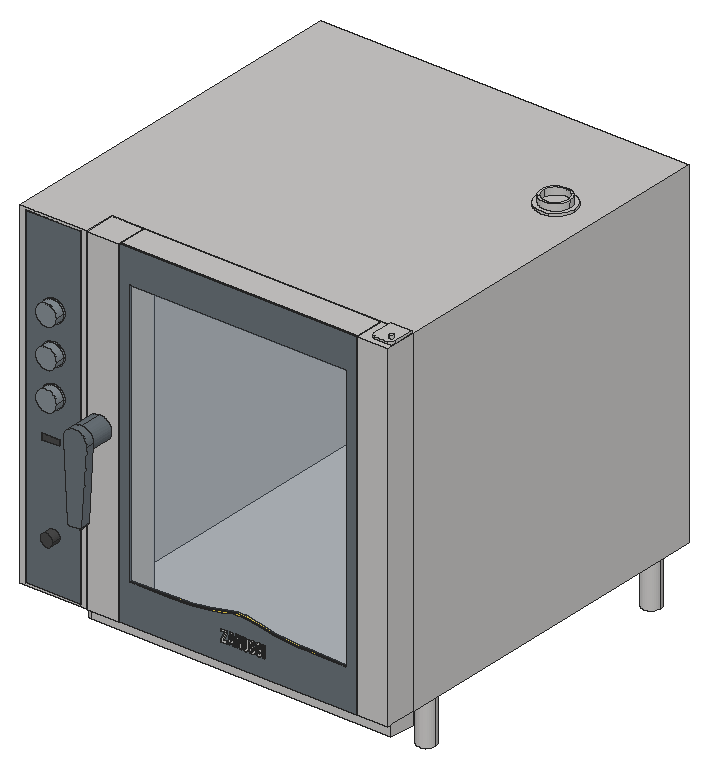
Revit family "QF_ZANUSSI_240453_ZFCE11SSDS", category Specialty Equipment, Revit 2023
Family settings
  Round Connector Dimension = Use Diameter
  Part Type = Normal
  Work Plane-Based = No
  Enable Cutting in Views = No
  Always vertical = Yes
  Cut with Voids When Loaded = No
  Maintain Annotation Orientation = No
  Shared = No
  Room Calculation Point = No
Parameters
  Weight = 121.20 kg
  Watts = 0 W
  Volts = 380 V
  URL Manufacturer = "http://www.zanussiprofessional.com"
  URL = "http://www.zanussiprofessional.com"
  Steam Supply Size = 0 mm
  Steam Supply Minimum Pressure = 0.0 Pa
  Steam Supply Maximum Pressure = 0.0 Pa
  Steam Consumption per Hour = 0
  Show Logo [instance] = yes
  Show Clearance [instance] = yes
  Refrigeration Suction Line Size = 0 mm
  Refrigeration Liquid Line Size = 0 mm
  Refrigerant Compressor Remote = yes
  Default Elevation = 0 mm
  Manufacturer = "Zanussi"
  Phase = 3
  Model = "ZFCE11SSDS"
  Length Actual = 890 mm
  Item Number = "240453"
  Hot Water Size = 0 mm
  Height Actual = 970 mm
  HP = "23.2 HP"
  Gas Size = 12.7 mm
  Gas KW = 0
  Gas Input Pressure = 0.0585289 W
  Direct Waste Size = 25 mm
  Description = "CONVECTION OVEN CW 10 GN 1/1 - ELECTRIC - SMART STEAM"
  Depth Actual = 900 mm
  Cycle = 50 Hz
  Condensate Return Size = 0 mm
  Compressed Air Volume = 0.0 L/s
  Compressed Air Size = 0 mm
  Compressed Air Pressure = 0.0 Pa
  Cold Water Size = 19.05 mm
  Accessory = no
Reference planes
  plane 1 "Center X": y = 96.351
  plane 2: z = 0
  plane 3 "Center Y": x = -330
  plane 4 "LEFT": x = -775
  plane 5 "BACK": y = 551.351
  plane 6 "RIGHT": x = 115
  plane 7 "FRONT": y = -358.649
  plane 8 "FeetLeft": x = -725
  plane 9: y = 501.351
  plane 10 "DoorDepth": y = -283.649
  plane 11 "FeetRight": x = 65
  plane 12 "BASE": z = 130
  plane 13 "TOP": z = 950
  plane 14: z = 0
  plane 15 "1": y = 274.351
  plane 16 "FeetFront": y = -178.649
  plane 17: z = 1018
  plane 18: y = -433.649
  plane 19 "Drain_X": x = -349
  plane 20 "Drain_Y": y = 256.351
  plane 21 "EI_x": x = -676
  plane 22 "EI_y": y = -99.649
  plane 23 "CWI_x": x = -659
  plane 24: y = -1044.649
  plane 25: y = 72.351
  plane 26: x = 15
Forms (mm)
  Extrusion 1, solid, material "QF_Finishes_Stainless Steel"
    sketch origin (0, 73.5, 130) x (-1, 0, 0) y (0, -1, 0)
      loop
        circle (659, 1.149) r 13.2
    from -5 to 0
  Extrusion 2, solid, material "QF_Finishes_Stainless Steel"
    sketch origin (0, 57.5, 130) x (-1, 0, 0) y (0, -1, 0)
      loop
        circle (676, 157.149) r 13.25
    from -5 to 0
  Extrusion 3, solid, material "QF_Finishes_Stainless Steel"
    sketch origin (89, -125, 130) x (-1, 0, 0) y (0, -1, 0)
      loop
        circle (438, -381.351) r 13.25
    from -5 to 0
  Extrusion 4, solid, material "QF_Finishes_Black"
    sketch origin (0, -358.649, 77) x (-1, 0, 0) y (0, 0, 1)
      loop
        circle (693.941, 183.023) r 15
    from 0 to -20
  Extrusion 5, solid, material "QF_Finishes_Zanussi_Soft Gray"
    sketch origin (0, -358.649, -96) x (-1, 0, 0) y (0, 0, 1)
      loop
        circle (693, 845.824) r 26.676
    from 0 to -3
  Blend 6, solid, material "QF_Finishes_Zanussi_Soft Gray"
    base sketch origin (0, -358.649, -96) x (-1, 0, 0) y (0, 0, 1)
      loop
        circle (693, 845.824) r 25
    top sketch origin (0, -358.649, -96) x (-1, 0, 0) y (0, 0, 1)
      loop
        circle (693, 845.824) r 24.8
    from -3 to -23
  Extrusion 7, solid, material "QF_Finishes_Zanussi_Soft Gray"
    sketch origin (0, -358.649, -105) x (-1, 0, 0) y (0, 0, 1)
      loop
        circle (693, 760.824) r 26.676
    from 0 to -3
  Blend 8, solid, material "QF_Finishes_Zanussi_Soft Gray"
    base sketch origin (0, -358.649, -105) x (-1, 0, 0) y (0, 0, 1)
      loop
        circle (693, 760.824) r 25
    top sketch origin (0, -358.649, -105) x (-1, 0, 0) y (0, 0, 1)
      loop
        circle (693, 760.824) r 24.8
    from -3 to -23
  Extrusion 9, solid, material "QF_Finishes_Zanussi_Soft Gray"
    sketch origin (0, -358.649, 183) x (-1, 0, 0) y (0, 0, 1)
      loop
        circle (693, 380.824) r 26.676
    from 0 to -3
  Blend 10, solid, material "QF_Finishes_Zanussi_Soft Gray"
    base sketch origin (0, -358.649, 183) x (-1, 0, 0) y (0, 0, 1)
      loop
        circle (693, 380.824) r 25
    top sketch origin (0, -358.649, 183) x (-1, 0, 0) y (0, 0, 1)
      loop
        circle (693, 380.824) r 24.8
    from -3 to -23
  Extrusion 11, solid, material "QF_Finishes_Stainless Steel"
    sketch origin (0, 0, 130) x (-1, 0, 0) y (0, -1, 0)
      loop
        line (775, -551.351) -> (775, 358.649) -> (613, 358.649) -> (613, 283.649) -> (-115, 283.649) -> (-115, -551.351) -> (775, -551.351)
    from 820 to 0
  Extrusion 12, solid, material "QF_Finishes_Zanussi_Dark Gray"
    sketch origin (0, -358.649, 0) x (-1, 0, 0) y (0, 0, 1)
      loop
        line (760, 945) -> (628, 945) -> (628, 135) -> (760, 135) -> (760, 945)
      loop
        line (678.941, 475.023) -> (678.941, 460.023) -> (720.941, 460.023) -> (720.941, 475.023) -> (678.941, 475.023)
    from 0 to 5
  Extrusion 13, void
    sketch origin (0, -358.649, 0) x (-1, 0, 0) y (0, 0, 1)
      loop
        line (760, 945) -> (628, 945) -> (628, 135) -> (760, 135) -> (760, 945)
    from 0 to 5
  Extrusion 14, void
    sketch origin (0, -358.649, 0) x (-1, 0, 0) y (0, 0, 1)
      loop
        line (-87.826, 145) -> (610, 145) -> (610, 930) -> (-87.826, 930) -> (-87.826, 145)
    from 883.561 to 75
  Extrusion 15, solid, material "QF_Finishes_Black"
    sketch origin (-5, -358.649, 195) x (-1, 0, 0) y (0, 0, 1)
      loop
        line (715.941, 280.023) -> (673.941, 280.023) -> (673.941, 265.023) -> (715.941, 265.023) -> (715.941, 280.023)
    from 5 to 0
  Extrusion 16, solid, material "QF_Clearances", detail levels coarse
    sketch origin (0, 0, 0) x (1, 0, 0) y (0, 1, 0)
      loop
        line (-825, -358.649) -> (-775, -358.649) -> (-775, 551.351) -> (115, 551.351) -> (115, -358.649) -> (165, -358.649) -> (165, 601.351) -> (-825, 601.351) -> (-825, -358.649)
    from 950 to 0
  Extrusion 17, solid, material "QF_Finishes_Stainless Steel"
    sketch origin (0, 0, 950) x (-1, 0, 0) y (0, -1, 0)
      loop
        circle (-15, -274.351) r 45
    from 5 to 0
  Extrusion 18, solid, material "QF_Finishes_Stainless Steel"
    sketch origin (0, 0, 950) x (-1, 0, 0) y (0, -1, 0)
      loop
        circle (-15, -274.351) r 35
      loop
        circle (-15, -274.351) r 30
    from 5 to 20.369
Cuts and joins
  Extrusion 13, Extrusion 14 cuts Extrusion 11
Lines and regions (mm)
  symbolic lines
    curve 1: line (-775, -358.649, 1620) -> (-775, 551.351, 1620)
    curve 2: line (-775, 551.351, 1620) -> (115, 551.351, 1620)
    curve 3: line (-613, -283.649, 1620) -> (115, -283.649, 1620)
    curve 4: line (-613, -283.649, 1620) -> (-613, -358.649, 1620)
    curve 5: line (-775, -358.649, 1620) -> (-613, -358.649, 1620)
    curve 6: line (-719.676, -361.649, 1620) -> (-666.324, -361.649, 1620)
    curve 7: line (-719.676, -361.649, 1620) -> (-719.676, -358.649, 1620)
    curve 8: line (-666.324, -361.649, 1620) -> (-666.324, -358.649, 1620)
    curve 9: line (115, 551.351, 1620) -> (115, -358.649, 1620)
    curve 10: line (-717.863, -381.649, 684) -> (-668.2, -381.649, 684)
    curve 11: line (-717.863, -381.649, 684) -> (-718, -361.649, 684)
    curve 12: line (-668.2, -381.649, 684) -> (-668, -361.649, 684)
    curve 18: circle (15, 274.351, 633) r 45 normal (0, 0, 1)
    curve 19: circle (15, 274.351, 633) r 35 normal (0, 0, 1)
    curve 20: circle (15, 274.351, 633) r 30 normal (0, 0, -1)
  symbolic lines, style "QF_Clearances", detail levels coarse
    curve 13: line (-825, -358.649, 0) -> (-825, 601.351, 0)
    curve 14: line (-825, 601.351, 0) -> (165, 601.351, 0)
    curve 15: line (165, 601.351, 0) -> (165, -358.649, 0)
    curve 16: line (165, -358.649, 0) -> (115, -358.649, 0)
    curve 17: line (-825, -358.649, 0) -> (-768.438, -358.649, 0)
Dimensions and locks
  equal spacing: plane 4 "LEFT", plane 3 "Center Y", plane 6 "RIGHT"
  equal spacing: plane 5 "BACK", plane 1 "Center X", plane 7 "FRONT"
  plane 12 "BASE" to plane 14 = 130 mm
  plane 13 "TOP" to plane 12 "BASE" = 820 mm
  plane 13 "TOP" to plane 14 = 950 mm
  plane 5 "BACK" to plane 9 = 50 mm
  plane 9 to plane 16 "FeetFront" = 680 mm
  locked: plane 16 "FeetFront" to plane 7 "FRONT" at 180
  plane 17 to plane 13 "TOP" to plane 12 "BASE" to level = 68 mm, 820 mm, 130 mm
  plane 17 to level = 1018 mm  (x2)
  plane 7 "FRONT" to plane 18 = 75 mm
  plane 5 "BACK" to plane 20 "Drain_Y" = 295 mm
  plane 4 "LEFT" to plane 19 "Drain_X" = 426 mm
  locked: plane 4 "LEFT" to plane 21 "EI_x" at 99
  plane 5 "BACK" to plane 22 "EI_y" = 651 mm
  plane 4 "LEFT" to plane 23 "CWI_x" = 116 mm
  plane 5 "BACK" to plane 15 "1" = 277 mm
  plane 5 "BACK" to plane 24 = 1596 mm
  plane 5 "BACK" to plane 25 = 479 mm
  locked: plane 10 "DoorDepth" to plane 7 "FRONT" at 75
  plane 8 "FeetLeft" to plane 4 "LEFT" = 50 mm
  plane 6 "RIGHT" to plane 11 "FeetRight" = 50 mm
  plane 11 "FeetRight" to plane 8 "FeetLeft" = 790 mm
  plane 5 "BACK" to plane 7 "FRONT" = 910 mm
  plane 4 "LEFT" to plane 6 "RIGHT" = 890 mm
  plane 26 to plane 6 "RIGHT" = 100 mm
  aligned and locked: level to plane 2
  aligned and locked: plane 12 "BASE" to nested 1
  aligned and locked: plane 12 "BASE" to nested 2
  aligned and locked: plane 12 "BASE" to nested 4
  aligned and locked: plane 12 "BASE" to nested 3
  aligned and locked: nested 5 to plane 10 "DoorDepth"
  aligned and locked: nested 5 to plane 12 "BASE"
  aligned and locked: plane 6 "RIGHT" to nested 5
  aligned and locked: plane 8 "FeetLeft" to nested 4
  aligned and locked: plane 11 "FeetRight" to nested 2
  aligned and locked: plane 11 "FeetRight" to nested 3
  aligned and locked: nested 4 to plane 9
  aligned and locked: nested 3 to plane 9
  aligned and locked: plane 16 "FeetFront" to nested 1
  aligned and locked: plane 16 "FeetFront" to nested 2
Automatic sketch dimensions
  Extrusion 2 sketch curve to plane 21 "EI_x" = 0 mm
  Extrusion 2 sketch curve to plane 22 "EI_y" = 0 mm
  Extrusion 3 sketch curve to plane 19 "Drain_X" = 0 mm
  Extrusion 3 sketch curve to plane 20 "Drain_Y" = 0 mm
  plane 12 "BASE" to Extrusion 4 sketch curve = 130.023 mm
  Extrusion 5 sketch curve to plane 13 "TOP" = 200.176 mm
  Blend 6 sketch curve to plane 13 "TOP" = 200.176 mm  (x2)
  Extrusion 7 sketch curve to plane 13 "TOP" = 294.176 mm
  Blend 8 sketch curve to plane 13 "TOP" = 294.176 mm  (x2)
  plane 12 "BASE" to Extrusion 9 sketch curve = 433.824 mm
  plane 12 "BASE" to Blend 10 sketch curve = 433.824 mm  (x2)
  Extrusion 11 sketch curve to plane 5 "BACK" = 0 mm
  Extrusion 11 sketch curve to plane 6 "RIGHT" = 0 mm
  Extrusion 11 sketch curve to plane 10 "DoorDepth" = 0 mm
  Extrusion 11 sketch curve to plane 7 "FRONT" = 0 mm
  Extrusion 11 sketch curve to plane 4 "LEFT" = 0 mm
  plane 21 "EI_x" to Extrusion 11 sketch curve = 63 mm
  Extrusion 13 sketch curve to plane 13 "TOP" = 5 mm
  plane 21 "EI_x" to Extrusion 13 sketch curve = 48 mm
  Extrusion 13 sketch curve to plane 8 "FeetLeft" = 35 mm
  plane 12 "BASE" to Extrusion 13 sketch curve = 5 mm
  Extrusion 14 sketch curve to plane 13 "TOP" = 20 mm
  plane 11 "FeetRight" to Extrusion 14 sketch curve = 22.826 mm
  plane 21 "EI_x" to Extrusion 14 sketch curve = 66 mm
  plane 12 "BASE" to Extrusion 14 sketch curve = 15 mm
  Extrusion 12 sketch curve to plane 13 "TOP" = 5 mm
  plane 21 "EI_x" to Extrusion 12 sketch curve = 48 mm
  Extrusion 12 sketch curve to plane 21 "EI_x" = 2.941 mm
  plane 8 "FeetLeft" to Extrusion 12 sketch curve = 4.059 mm
  plane 4 "LEFT" to Extrusion 12 sketch curve = 15 mm
  plane 12 "BASE" to Extrusion 12 sketch curve = 345.023 mm
  Extrusion 12 sketch curve to Extrusion 12 sketch curve = 15 mm
  plane 12 "BASE" to Extrusion 12 sketch curve = 5 mm
  Extrusion 15 sketch curve to plane 21 "EI_x" = 2.941 mm
  plane 8 "FeetLeft" to Extrusion 15 sketch curve = 4.059 mm
  plane 12 "BASE" to Extrusion 15 sketch curve = 330.023 mm
  Extrusion 15 sketch curve to Extrusion 15 sketch curve = 15 mm
  curve 3 to plane 10 "DoorDepth" = 0 mm
  curve 5 to plane 7 "FRONT" = 0 mm
  curve 2 to plane 4 "LEFT" = 0 mm
  curve 1 to plane 5 "BACK" = 0 mm
  plane 21 "EI_x" to curve 3 = 63 mm
  curve 8 to plane 7 "FRONT" = 3 mm
  plane 21 "EI_x" to curve 8 = 9.676 mm
  plane 8 "FeetLeft" to curve 6 = 5.324 mm
  curve 9 to plane 6 "RIGHT" = 0 mm
  curve 9 to plane 7 "FRONT" = 0 mm
  Extrusion 16 sketch curve to plane 7 "FRONT" = 0 mm  (x2)
  Extrusion 16 sketch curve to plane 4 "LEFT" = 0 mm
  Extrusion 16 sketch curve to plane 5 "BACK" = 0 mm
  Extrusion 16 sketch curve to plane 6 "RIGHT" = 0 mm
  Extrusion 16 sketch curve to Extrusion 16 sketch curve = 50 mm
  plane 6 "RIGHT" to Extrusion 16 sketch curve = 50 mm
  plane 5 "BACK" to Extrusion 16 sketch curve = 50 mm
  Extrusion 1 sketch curve to plane 23 "CWI_x" = 0 mm
  Extrusion 1 sketch curve to plane 25 = 0 mm
  curve 13 to plane 7 "FRONT" = 0 mm
  curve 16 to plane 6 "RIGHT" = 0 mm
  curve 16 to plane 7 "FRONT" = 0 mm
  curve 17 to plane 4 "LEFT" = 50 mm
  plane 6 "RIGHT" to curve 15 = 50 mm
  plane 5 "BACK" to curve 14 = 50 mm
  plane 4 "LEFT" to curve 17 = 6.562 mm
  plane 21 "EI_x" to curve 12 = 7.8 mm
  curve 12 to plane 7 "FRONT" = 23 mm
  curve 12 to plane 7 "FRONT" = 3 mm
  plane 21 "EI_x" to curve 12 = 8 mm
  plane 8 "FeetLeft" to curve 11 = 7.137 mm
  curve 11 to plane 7 "FRONT" = 3 mm
  plane 8 "FeetLeft" to curve 11 = 7 mm
  Extrusion 4 sketch curve to plane 21 "EI_x" = 17.941 mm
  Extrusion 5 sketch curve to plane 21 "EI_x" = 17 mm
  Blend 6 sketch curve to plane 21 "EI_x" = 17 mm  (x2)
  Extrusion 7 sketch curve to plane 21 "EI_x" = 17 mm
  Blend 8 sketch curve to plane 21 "EI_x" = 17 mm  (x2)
  Extrusion 9 sketch curve to plane 21 "EI_x" = 17 mm
  Blend 10 sketch curve to plane 21 "EI_x" = 17 mm  (x2)
  curve 18 to curve 19 = 0 mm  (x2)
  curve 18 to curve 20 = 0 mm  (x2)
  curve 19 to curve 20 = 0 mm  (x2)
  curve 19 to plane 15 "1" = 0 mm
  curve 19 to plane 26 = 0 mm
  Extrusion 18 sketch curve to Extrusion 18 sketch curve = 0 mm  (x2)
  Extrusion 18 sketch curve to plane 15 "1" = 0 mm
  Extrusion 18 sketch curve to plane 26 = 0 mm
  Extrusion 17 sketch curve to plane 15 "1" = 0 mm
  Extrusion 17 sketch curve to plane 26 = 0 mm
  radius of Extrusion 2 sketch curve = 13.25 mm
  radius of Extrusion 3 sketch curve = 13.25 mm
  radius of Extrusion 4 sketch curve = 15 mm
  radius of Extrusion 5 sketch curve = 26.676 mm
  radius of Blend 6 sketch curve = 25 mm
  radius of Blend 6 sketch curve = 24.8 mm
  radius of Extrusion 7 sketch curve = 26.676 mm
  radius of Blend 8 sketch curve = 25 mm
  radius of Blend 8 sketch curve = 24.8 mm
  radius of Extrusion 9 sketch curve = 26.676 mm
  radius of Blend 10 sketch curve = 25 mm
  radius of Blend 10 sketch curve = 24.8 mm
  radius of Extrusion 1 sketch curve = 13.2 mm
  radius of curve 18 = 45 mm
  radius of curve 19 = 35 mm
  radius of curve 20 = 30 mm
  radius of Extrusion 18 sketch curve = 35 mm
  radius of Extrusion 18 sketch curve = 30 mm
  radius of Extrusion 17 sketch curve = 45 mm
Nested families
  nested 1: "Foot" at (-725, -178.649, 0), type "Foot"
    with Ø 22 mm, H 130 mm
  nested 2: "Foot" at (65, -178.649, 0), type "Foot"
    with Ø 22 mm, H 130 mm
  nested 3: "Foot" at (65, 501.351, 0), type "Foot"
    with Ø 22 mm, H 130 mm
  nested 4: "Foot" at (-725, 501.351, 0), type "Foot"
    with Ø 22 mm, H 130 mm
  nested 5: "ZAN_DOOR_CROSSWISE_H820" at (115, -286.649, 0), type "ZAN_DOOR_CROSSWISE_H820"
    with Show Clearance yes
Connectors
  piping at (-349, 256.351, 125), diameter 25, driven by "Direct Waste Size"
    settings: on Extrusion 3, index 6, connector inside diameter 609.6 mm, connector length 0 mm, flow factor 0, pipe flow 0.0 L/s, pressure drop 0.0 Pa, fitting loss kfactor 0, connector angle 0.00°, fixture units 0, engagement length 0 mm, angle of deflection 0.00°, flow configuration 0, flow direction 2, fitting loss method 0, system type 16, joint type 0, gender type 0, connector reference index -1, connector utility 0, adjustable connector no, is connector primary yes, connector description "Drain"
  electrical at (-676, -99.649, 125)
    settings: on Extrusion 2, index 7, voltage 0 V, apparent load 0 VA, apparent load phase1 0 VA, apparent load phase2 0 VA, apparent load phase3 0 VA, power factor 1, load classification "Altro", number of poles 1, system type 30, power factor state 1, is connector primary yes, connector utility no, sub classification motor no, connector description "Electrical Connection"
  piping at (-659, 72.351, 125), diameter 19.05, driven by "Cold Water Size"
    settings: on Extrusion 1, index 8, connector inside diameter 609.6 mm, connector length 0 mm, flow factor 0, pipe flow 0.0 L/s, pressure drop 0.0 Pa, fitting loss kfactor 0, connector angle 0.00°, fixture units 0, engagement length 0 mm, angle of deflection 0.00°, flow configuration 0, flow direction 1, fitting loss method 0, system type 20, joint type 0, gender type 0, connector reference index -1, connector utility 0, adjustable connector no, is connector primary no, connector description "Cold Water Inlet"
Definition of nested family "Foot"
  Parameters
    Ø [instance] = 20 mm
    Default Elevation = 0 mm
    H [instance] = 50 mm
  Reference planes
    plane 1 "Centro (Fronte/Retro)": y = 0
    plane 2: z = 0
    plane 3 "Centro (Sinistra/Destra)": x = 0
    plane 4: z = 50
  Forms (mm)
    Revolve 1, solid
      sketch origin (255.05, 0, 608.09) x (0, 0, 1) y (-1, 0, 0)
        loop
          line (-608.09, 255.05) -> (-608.09, 235.05) -> (-558.09, 235.05) -> (-558.09, 255.05) -> (-608.09, 255.05)
        axis (-608.09, 255.05) -> (-558.09, 255.05)
      angle from 0 to 360
  Dimensions and locks
    "H": plane 4 to plane 2
    "Ø": Revolve 1 sketch curve to Revolve 1 sketch curve
    aligned and locked: level to plane 2
    aligned and locked: plane 4 to Revolve 1 sketch curve
    aligned and locked: Revolve 1 sketch curve to level
    aligned and locked: plane 3 "Centro (Sinistra/Destra)" to Revolve 1 sketch curve
  Automatic sketch dimensions
    Revolve 1 sketch curve to plane 3 "Centro (Sinistra/Destra)" = 0 mm
    Revolve 1 sketch curve to Revolve 1 sketch curve = 50 mm
    Revolve 1 sketch curve to Revolve 1 sketch curve = 20 mm
Definition of nested family "ZAN_DOOR_CROSSWISE_H820"
  Parameters (values of type "ZAN_DOOR_CROSSWISE_H820")
    sp_Lama = 5 mm
    Z_Maniglia = 405 mm
    W_Door = 725 mm
    Show Clearance [instance] = yes
    Default Elevation = 0 mm
    H_Feet = 130 mm
    H_FasciaTop = 75 mm
    H_Door = 820 mm
    W_fasce = 75 mm
    Direct Waste Size = 25 mm
  Reference planes
    plane 1 "Center (Front/Back)": y = 3
    plane 2: z = 0
    plane 3 "Center (Left/Right)": x = 0
    plane 4 "Top": z = 950
    plane 5 "Feet": z = 130
    plane 6 "Front": y = -72
    plane 7: z = 945
    plane 8: z = 870
    plane 9: x = -625
    plane 10: x = -75
    plane 11: x = -725
    plane 12: x = -650
    plane 13: x = -100
    plane 14: x = -649
    plane 15: x = -76
    plane 16: z = 154
    plane 17: z = 535
    plane 18: x = -697
  Forms (mm)
    Extrusion 1, solid
      sketch origin (0, -72, 0) x (0, 0, -1) y (-1, 0, 0)
        loop
          line (-950, 725) -> (-950, 650) -> (-130, 650) -> (-130, 725) -> (-950, 725)
        loop
          line (-950, 0) -> (-130, 0) -> (-130, 75) -> (-950, 75) -> (-950, 0)
      from 0 to 75
    Extrusion 2, solid
      sketch origin (0, -72, 0) x (0, 0, -1) y (-1, 0, 0)
        loop
          line (-226.277, 625) -> (-870, 625) -> (-870, 100) -> (-226.277, 100) -> (-226.277, 179.596) -> (-226.464, 194.035) -> (-226.816, 214.136)
          arc (-226.816, 214.136) -> (-227.121, 224.207) -> (-227.693, 234.266) r 381.251
          arc (-227.693, 234.266) -> (-229.438, 254.344) -> (-232.142, 274.315) r 421.149
          arc (-232.142, 274.315) -> (-235.022, 290.185) -> (-238.297, 305.979) r 647.683
          arc (-238.297, 305.979) -> (-241.149, 319.693) -> (-243.677, 333.471) r 593.178
          arc (-243.677, 333.471) -> (-244.098, 337.378) -> (-244.435, 341.294) r 181.693
          arc (-244.435, 341.294) -> (-244.748, 347.295) -> (-244.843, 353.303) r 166.118
          arc (-244.843, 353.303) -> (-244.747, 359.31) -> (-244.433, 365.309) r 166.118
          arc (-244.433, 365.309) -> (-244.097, 369.204) -> (-243.677, 373.091) r 181.693
          arc (-243.677, 373.091) -> (-241.149, 386.869) -> (-238.297, 400.583) r 593.179
          arc (-238.297, 400.583) -> (-235.025, 416.365) -> (-232.147, 432.223) r 647.683
          arc (-232.147, 432.223) -> (-229.444, 452.168) -> (-227.698, 472.219) r 421.148
          arc (-227.698, 472.219) -> (-227.123, 482.317) -> (-226.816, 492.426) r 381.251
          line (-226.816, 492.426) -> (-226.464, 512.527) -> (-226.277, 526.966) -> (-226.277, 625)
        loop
          line (-130, 76) -> (-130, 649) -> (-950, 649) -> (-950, 76) -> (-130, 76)
      from 0 to 5
    Extrusion 3, void
      sketch origin (-100, -72, 0) x (-1, 0, 0) y (0, 0, 1)
        loop
          line (288.603, 173.973) -> (303.509, 173.973) -> (303.509, 179.706) -> (295.318, 196.905) -> (302.853, 196.741) -> (302.853, 201.982) -> (288.603, 201.982) -> (288.603, 197.232) -> (297.201, 179.706) -> (288.603, 179.706) -> (288.603, 173.973)
        loop
          line (280.375, 184.456) -> (278.737, 197.195) -> (277.1, 184.456) -> (280.375, 184.456)
        loop
          line (281.849, 173.973) -> (287.746, 173.973) -> (282.669, 201.982) -> (274.806, 201.982) -> (269.565, 173.973) -> (275.461, 173.973) -> (276.281, 179.378) -> (281.031, 179.378) -> (281.849, 173.973)
        loop
          line (268.839, 201.982) -> (262.778, 201.982) -> (258.028, 184.128) -> (258.028, 201.982) -> (252.786, 201.982) -> (252.786, 173.973) -> (259.011, 173.973) -> (263.761, 192.482) -> (263.761, 173.973) -> (268.839, 173.973) -> (268.839, 201.982)
        loop
          line (251.476, 180.9) -> (251.476, 201.982) -> (245.743, 201.982) -> (245.743, 180.689)
          arc (245.743, 180.689) -> (243.81, 179.443) -> (242.303, 181.18) r 1.755
          line (242.303, 181.18) -> (242.303, 201.982) -> (236.57, 201.982) -> (236.57, 179.87)
          arc (236.57, 179.87) -> (244.469, 173.928) -> (251.476, 180.9) r 7.548
        loop
          line (225.923, 193.137) -> (225.923, 196.183)
          arc (225.923, 196.183) -> (228.232, 197.801) -> (229.849, 195.492) r 1.993
          arc (229.849, 195.492) -> (229.394, 194.205) -> (228.544, 193.137) r 4.132
          line (228.544, 193.137) -> (222.261, 187.482)
          arc (222.261, 187.482) -> (220.244, 183.234) -> (220.358, 178.532) r 10.152
          arc (220.358, 178.532) -> (226.648, 173.979) -> (234.116, 176.106) r 8.889
          arc (234.116, 176.106) -> (235.696, 179.791) -> (235.751, 183.801) r 10.311
          line (235.751, 183.801) -> (230.033, 183.801)
          arc (230.033, 183.801) -> (230.009, 183.099) -> (230.033, 182.396) r 10.165
          arc (230.033, 182.396) -> (230.059, 181.653) -> (230.033, 180.91) r 10.759
          arc (230.033, 180.91) -> (229.7, 179.855) -> (228.922, 179.068) r 2.359
          arc (228.922, 179.068) -> (226.339, 179.656) -> (226.065, 182.291) r 2.275
          arc (226.065, 182.291) -> (227.174, 183.799) -> (228.6, 185.01) r 8.056
          line (228.6, 185.01) -> (231.016, 187.151)
          arc (231.016, 187.151) -> (233.167, 189.4) -> (234.919, 191.972) r 18.895
          arc (234.919, 191.972) -> (235.183, 196.623) -> (233.05, 200.765) r 8.857
          arc (233.05, 200.765) -> (227.818, 202.471) -> (222.586, 200.765) r 8.876
          arc (222.586, 200.765) -> (220.806, 198.522) -> (220.429, 195.684) r 5.378
          line (220.429, 195.684) -> (220.518, 193.137) -> (225.923, 193.137)
        loop
          line (209.587, 193.137) -> (209.587, 196.183)
          arc (209.587, 196.183) -> (211.896, 197.801) -> (213.513, 195.492) r 1.993
          arc (213.513, 195.492) -> (213.058, 194.205) -> (212.208, 193.137) r 4.132
          line (212.208, 193.137) -> (205.924, 187.482)
          arc (205.924, 187.482) -> (203.908, 183.234) -> (204.022, 178.532) r 10.152
          arc (204.022, 178.532) -> (210.312, 173.979) -> (217.779, 176.106) r 8.889
          arc (217.779, 176.106) -> (219.36, 179.791) -> (219.415, 183.801) r 10.311
          line (219.415, 183.801) -> (213.696, 183.801)
          arc (213.696, 183.801) -> (213.672, 183.099) -> (213.696, 182.396) r 10.165
          arc (213.696, 182.396) -> (213.722, 181.653) -> (213.696, 180.91) r 10.759
          arc (213.696, 180.91) -> (213.363, 179.855) -> (212.586, 179.068) r 2.359
          arc (212.586, 179.068) -> (210.003, 179.656) -> (209.729, 182.291) r 2.275
          arc (209.729, 182.291) -> (210.837, 183.799) -> (212.264, 185.01) r 8.056
          line (212.264, 185.01) -> (214.679, 187.151)
          arc (214.679, 187.151) -> (216.83, 189.4) -> (218.583, 191.972) r 18.895
          arc (218.583, 191.972) -> (218.847, 196.623) -> (216.714, 200.765) r 8.857
          arc (216.714, 200.765) -> (211.482, 202.471) -> (206.25, 200.765) r 8.876
          arc (206.25, 200.765) -> (204.469, 198.522) -> (204.093, 195.684) r 5.378
          line (204.093, 195.684) -> (204.182, 193.137) -> (209.587, 193.137)
        loop
          line (202.992, 201.982) -> (197.259, 201.982) -> (197.259, 173.973) -> (202.992, 173.973) -> (202.992, 201.982)
      from 0 to 2
    Extrusion 4, solid
      sketch origin (0, -72, 0) x (0, 0, -1) y (-1, 0, 0)
        loop
          line (-173.973, 388.603) -> (-173.973, 403.509) -> (-179.706, 403.509) -> (-196.905, 395.318) -> (-196.741, 402.853) -> (-201.982, 402.853) -> (-201.982, 388.603) -> (-197.232, 388.603) -> (-179.706, 397.201) -> (-179.706, 388.603) -> (-173.973, 388.603)
        loop
          line (-184.456, 380.375) -> (-197.195, 378.737) -> (-184.456, 377.1) -> (-184.456, 380.375)
        loop
          line (-173.973, 381.849) -> (-173.973, 387.746) -> (-201.982, 382.669) -> (-201.982, 374.806) -> (-173.973, 369.565) -> (-173.973, 375.461) -> (-179.378, 376.281) -> (-179.378, 381.031) -> (-173.973, 381.849)
        loop
          line (-201.982, 368.839) -> (-201.982, 362.778) -> (-184.128, 358.028) -> (-201.982, 358.028) -> (-201.982, 352.786) -> (-173.973, 352.786) -> (-173.973, 359.011) -> (-192.482, 363.761) -> (-173.973, 363.761) -> (-173.973, 368.839) -> (-201.982, 368.839)
        loop
          line (-180.9, 351.476) -> (-201.982, 351.476) -> (-201.982, 345.743) -> (-180.689, 345.743)
          arc (-180.689, 345.743) -> (-179.443, 343.81) -> (-181.18, 342.303) r 1.755
          line (-181.18, 342.303) -> (-201.982, 342.303) -> (-201.982, 336.57) -> (-179.87, 336.57)
          arc (-179.87, 336.57) -> (-173.928, 344.469) -> (-180.9, 351.476) r 7.548
        loop
          line (-193.137, 325.923) -> (-196.183, 325.923)
          arc (-196.183, 325.923) -> (-197.801, 328.232) -> (-195.492, 329.849) r 1.993
          arc (-195.492, 329.849) -> (-194.205, 329.394) -> (-193.137, 328.544) r 4.132
          line (-193.137, 328.544) -> (-187.482, 322.261)
          arc (-187.482, 322.261) -> (-183.234, 320.244) -> (-178.532, 320.358) r 10.152
          arc (-178.532, 320.358) -> (-173.979, 326.648) -> (-176.106, 334.116) r 8.889
          arc (-176.106, 334.116) -> (-179.791, 335.696) -> (-183.801, 335.751) r 10.311
          line (-183.801, 335.751) -> (-183.801, 330.033)
          arc (-183.801, 330.033) -> (-183.099, 330.009) -> (-182.396, 330.033) r 10.165
          arc (-182.396, 330.033) -> (-181.653, 330.059) -> (-180.91, 330.033) r 10.759
          arc (-180.91, 330.033) -> (-179.855, 329.7) -> (-179.068, 328.922) r 2.359
          arc (-179.068, 328.922) -> (-179.656, 326.339) -> (-182.291, 326.065) r 2.275
          arc (-182.291, 326.065) -> (-183.799, 327.174) -> (-185.01, 328.6) r 8.056
          line (-185.01, 328.6) -> (-187.151, 331.016)
          arc (-187.151, 331.016) -> (-189.4, 333.167) -> (-191.972, 334.919) r 18.895
          arc (-191.972, 334.919) -> (-196.623, 335.183) -> (-200.765, 333.05) r 8.857
          arc (-200.765, 333.05) -> (-202.471, 327.818) -> (-200.765, 322.586) r 8.876
          arc (-200.765, 322.586) -> (-198.522, 320.806) -> (-195.684, 320.429) r 5.378
          line (-195.684, 320.429) -> (-193.137, 320.518) -> (-193.137, 325.923)
        loop
          line (-193.137, 309.587) -> (-196.183, 309.587)
          arc (-196.183, 309.587) -> (-197.801, 311.896) -> (-195.492, 313.513) r 1.993
          arc (-195.492, 313.513) -> (-194.205, 313.058) -> (-193.137, 312.208) r 4.132
          line (-193.137, 312.208) -> (-187.482, 305.924)
          arc (-187.482, 305.924) -> (-183.234, 303.908) -> (-178.532, 304.022) r 10.152
          arc (-178.532, 304.022) -> (-173.979, 310.312) -> (-176.106, 317.779) r 8.889
          arc (-176.106, 317.779) -> (-179.791, 319.36) -> (-183.801, 319.415) r 10.311
          line (-183.801, 319.415) -> (-183.801, 313.696)
          arc (-183.801, 313.696) -> (-183.099, 313.672) -> (-182.396, 313.696) r 10.165
          arc (-182.396, 313.696) -> (-181.653, 313.722) -> (-180.91, 313.696) r 10.759
          arc (-180.91, 313.696) -> (-179.855, 313.363) -> (-179.068, 312.586) r 2.359
          arc (-179.068, 312.586) -> (-179.656, 310.003) -> (-182.291, 309.729) r 2.275
          arc (-182.291, 309.729) -> (-183.799, 310.837) -> (-185.01, 312.264) r 8.056
          line (-185.01, 312.264) -> (-187.151, 314.679)
          arc (-187.151, 314.679) -> (-189.4, 316.83) -> (-191.972, 318.583) r 18.895
          arc (-191.972, 318.583) -> (-196.623, 318.847) -> (-200.765, 316.714) r 8.857
          arc (-200.765, 316.714) -> (-202.471, 311.482) -> (-200.765, 306.25) r 8.876
          arc (-200.765, 306.25) -> (-198.522, 304.469) -> (-195.684, 304.093) r 5.378
          line (-195.684, 304.093) -> (-193.137, 304.182) -> (-193.137, 309.587)
        loop
          line (-201.982, 302.992) -> (-201.982, 297.259) -> (-173.973, 297.259) -> (-173.973, 302.992) -> (-201.982, 302.992)
      from 0 to 2
    Extrusion 5, solid
      sketch origin (0, -72, 0) x (0, 0, -1) y (-1, 0, 0)
        loop
          line (-945, 649) -> (-945, 625) -> (-154, 625) -> (-154, 100) -> (-945, 100) -> (-945, 76) -> (-130, 76) -> (-130, 649) -> (-945, 649)
      from 5 to 75
    Extrusion 6, solid
      sketch origin (0, -72, 0) x (0, 0, -1) y (-1, 0, 0)
        loop
          line (-945, 625) -> (-945, 100) -> (-154, 100) -> (-154, 625) -> (-945, 625)
      from 75 to 70
    Extrusion 7, solid
      sketch origin (0, -72, 0) x (0, 0, -1) y (-1, 0, 0)
        loop
          line (-945, 649) -> (-950, 649) -> (-950, 76) -> (-945, 76) -> (-945, 649)
      from 5 to 75
    Extrusion 8, solid
      sketch origin (-100, -72, -17) x (-1, 0, 0) y (0, 0, 1)
        loop
          arc (608.817, 368.345) -> (612.24, 369.7) -> (613.808, 373.032) r 5
          line (613.808, 373.032) -> (624.987, 551.163)
          arc (624.987, 551.163) -> (596.54, 579.996) -> (569.055, 550.244) r 28
          line (569.055, 550.244) -> (580.194, 373.003)
          arc (580.194, 373.003) -> (581.77, 369.69) -> (585.183, 368.345) r 5
          line (585.183, 368.345) -> (608.817, 368.345)
      from -55 to -75
    Extrusion 9, solid
      sketch origin (0, -72, 0) x (0, 0, -1) y (-1, 0, 0)
        loop
          circle (-535, 697) r 28
      from 0 to -55
    Extrusion 10, solid
      sketch origin (0, 0, 0) x (0, 1, 0) y (0, 0, 1)
        loop
          line (-62, 130) -> (-62, 105) -> (3, 100.455) -> (3, 130) -> (-62, 130)
      from -725 to 0
    Extrusion 11, solid
      sketch origin (0, 0, 950) x (0, -1, 0) y (1, 0, 0)
        loop
          circle (38.919, -17.1) r 5
      from 10 to 5
    Extrusion 12, solid
      sketch origin (0, 0, 950) x (0, -1, 0) y (1, 0, 0)
        loop
          line (-3, -52.67) -> (47, -52.67)
          arc (47, -52.67) -> (54.071, -49.741) -> (57, -42.67) r 10
          line (57, -42.67) -> (57, -12.67)
          arc (57, -12.67) -> (54.071, -5.598) -> (47, -2.67) r 10
          line (47, -2.67) -> (-3, -2.67) -> (-3, -52.67)
      from 5 to 0
    Extrusion 13, solid, detail levels coarse
      sketch origin (-100, 215.149, 0) x (1, 0, 0) y (0, 1, 0)
        loop
          line (100, -972.149) -> (100, -287.149) -> (-625.004, -287.149)
          arc (-625.004, -287.149) -> (-403.591, -778.978) -> (100, -972.149) r 708.043
      from 950 to 130
    Extrusion 14, solid
      sketch origin (0, -72, 0) x (0, 0, -1) y (-1, 0, 0)
        loop
          line (-870, 625) -> (-870, 100) -> (-226.277, 100) -> (-228.887, 193.987) -> (-229.313, 214.075)
          arc (-229.313, 214.075) -> (-229.647, 224.091) -> (-230.232, 234.096) r 398.755
          arc (-230.232, 234.096) -> (-232.012, 254.045) -> (-234.745, 273.886) r 418.492
          arc (-234.745, 273.886) -> (-237.493, 288.79) -> (-240.528, 303.64) r 786.502
          arc (-240.528, 303.64) -> (-243.753, 318.136) -> (-246.344, 332.759) r 340.705
          arc (-246.344, 332.759) -> (-247.057, 338.079) -> (-247.553, 343.424) r 132.002
          arc (-247.553, 343.424) -> (-247.817, 348.358) -> (-247.896, 353.299) r 132.002
          arc (-247.896, 353.299) -> (-247.815, 358.239) -> (-247.55, 363.173) r 132.002
          arc (-247.55, 363.173) -> (-247.055, 368.5) -> (-246.344, 373.803) r 132.002
          arc (-246.344, 373.803) -> (-243.753, 388.426) -> (-240.528, 402.923) r 340.705
          arc (-240.528, 402.923) -> (-237.495, 417.76) -> (-234.749, 432.652) r 786.502
          arc (-234.749, 432.652) -> (-232.016, 452.488) -> (-230.234, 472.433) r 418.492
          arc (-230.234, 472.433) -> (-229.647, 482.454) -> (-229.313, 492.487) r 398.755
          line (-229.313, 492.487) -> (-228.887, 512.575) -> (-226.277, 625) -> (-870, 625)
      from 0 to 5
    Extrusion 15, solid
      sketch origin (0, -72, 0) x (0, 0, -1) y (-1, 0, 0)
        loop
          line (-228.887, 512.575) -> (-229.313, 492.487)
          arc (-229.313, 492.487) -> (-229.647, 482.454) -> (-230.234, 472.433) r 398.755
          arc (-230.234, 472.433) -> (-232.016, 452.488) -> (-234.749, 432.652) r 418.492
          arc (-234.749, 432.652) -> (-237.495, 417.76) -> (-240.528, 402.923) r 786.502
          arc (-240.528, 402.923) -> (-243.753, 388.426) -> (-246.344, 373.803) r 340.705
          arc (-246.344, 373.803) -> (-247.055, 368.5) -> (-247.55, 363.173) r 132.002
          arc (-247.55, 363.173) -> (-247.815, 358.239) -> (-247.896, 353.299) r 132.002
          arc (-247.896, 353.299) -> (-247.817, 348.358) -> (-247.553, 343.424) r 132.002
          arc (-247.553, 343.424) -> (-247.057, 338.079) -> (-246.344, 332.759) r 132.002
          arc (-246.344, 332.759) -> (-243.753, 318.136) -> (-240.528, 303.64) r 340.705
          arc (-240.528, 303.64) -> (-237.493, 288.79) -> (-234.745, 273.886) r 786.502
          arc (-234.745, 273.886) -> (-232.012, 254.045) -> (-230.232, 234.096) r 418.492
          arc (-230.232, 234.096) -> (-229.647, 224.091) -> (-229.313, 214.075) r 398.755
          line (-229.313, 214.075) -> (-228.887, 193.987) -> (-226.277, 100) -> (-226.277, 179.596) -> (-226.464, 194.035) -> (-226.816, 214.136)
          arc (-226.816, 214.136) -> (-227.121, 224.207) -> (-227.693, 234.266) r 381.251
          arc (-227.693, 234.266) -> (-229.438, 254.344) -> (-232.142, 274.315) r 421.149
          arc (-232.142, 274.315) -> (-235.022, 290.185) -> (-238.297, 305.979) r 647.683
          arc (-238.297, 305.979) -> (-241.149, 319.693) -> (-243.677, 333.471) r 593.178
          arc (-243.677, 333.471) -> (-244.328, 338.674) -> (-244.808, 343.895) r 159.419
          arc (-244.808, 343.895) -> (-245.055, 348.594) -> (-245.149, 353.299) r 143.741
          arc (-245.149, 353.299) -> (-245.054, 358.003) -> (-244.805, 362.702) r 143.741
          arc (-244.805, 362.702) -> (-244.326, 367.906) -> (-243.677, 373.091) r 159.42
          arc (-243.677, 373.091) -> (-241.149, 386.869) -> (-238.297, 400.583) r 593.179
          arc (-238.297, 400.583) -> (-235.025, 416.365) -> (-232.147, 432.223) r 647.683
          arc (-232.147, 432.223) -> (-229.444, 452.168) -> (-227.698, 472.219) r 421.148
          arc (-227.698, 472.219) -> (-227.123, 482.317) -> (-226.816, 492.426) r 381.251
          line (-226.816, 492.426) -> (-226.464, 512.527) -> (-226.277, 526.966) -> (-226.277, 625) -> (-228.887, 512.575)
      from 0 to 5
  Cuts and joins
    Extrusion 3 cuts Extrusion 2
  Lines and regions (mm)
    symbolic lines
      curve 1: line (-724.987, -127, 0) -> (-661.987, -127, 0)
      curve 2: line (-724.987, -147, 0) -> (-724.987, -72.467, 0)
      curve 3: line (-661.987, -147, 0) -> (-724.987, -147, 0)
      curve 4: line (-661.987, -72.467, 0) -> (-661.987, -147, 0)
      curve 5: line (-724.996, 3, 0) -> (0, 3, 0)
      curve 6: line (-724.996, -72.467, 0) -> (-724.996, 3, 0)
      curve 7: line (0, -72.467, 0) -> (-724.996, -72.467, 0)
      curve 8: line (0, 3, 0) -> (0, -72.467, 0)
      curve 9: line (-625, -72.467, 0) -> (-625, 3, 0)
      curve 10: line (-75, -72.467, 0) -> (-75, 3, 0)
      curve 11: arc (-52.67, -47, 0) -> (-49.741, -54.071, 0) -> (-42.67, -57, 0) r 10
      curve 12: line (-42.67, -57, 0) -> (-12.67, -57, 0)
      curve 13: arc (-12.67, -57, 0) -> (-5.598, -54.071, 0) -> (-2.67, -47, 0) r 10
      curve 14: line (-2.67, -47, 0) -> (-2.67, 3, 0)
      curve 15: line (-52.67, 3, 0) -> (-52.67, -47, 0)
      curve 16: circle (-17.1, -38.919, 0) r 5 normal (0, 0, 1)
      curve 17: line (0, -745.041, 0) -> (0, -72.467, 0)
      curve 18: arc (-725.004, -72, 0) -> (-503.591, -563.829, 0) -> (0, -757, 0) r 708.043
  Dimensions and locks
    plane 1 "Center (Front/Back)" to plane 6 "Front" = 75 mm
    "H_Feet": plane 5 "Feet" to level
    "H_Door": plane 4 "Top" to plane 5 "Feet"
    "sp_Lama": plane 4 "Top" to plane 7
    "H_FasciaTop": plane 7 to plane 8
    "W_fasce": plane 11 to plane 12
    "W_fasce": plane 3 "Center (Left/Right)" to plane 10
    locked: plane 14 to plane 12 at 1
    plane 15 to plane 10 = 1 mm
    locked: plane 9 to plane 14 at 24
    locked: plane 15 to plane 13 at 24
    locked: plane 16 to plane 5 "Feet" at 24
    "Z_Maniglia": plane 17 to plane 5 "Feet"
    plane 11 to plane 18 = 28 mm
    "W_Door": plane 11 to plane 3 "Center (Left/Right)"
    aligned and locked: level to plane 2
    aligned and locked: Extrusion 7 to plane 7
    aligned and locked: plane 7 to Extrusion 6
    aligned and locked: plane 7 to Extrusion 5  (x2)
    aligned and locked: Extrusion 1 to plane 4 "Top"  (x2)
    aligned and locked: Extrusion 13 to plane 4 "Top"
    aligned and locked: Extrusion 7 to plane 4 "Top"
    aligned and locked: cut or joined group of Extrusion 2, Extrusion 3 to plane 4 "Top"
    aligned and locked: cut or joined group of Extrusion 2, Extrusion 3 to plane 8
    aligned and locked: plane 5 "Feet" to Extrusion 5
    aligned and locked: plane 5 "Feet" to Extrusion 13
    aligned and locked: plane 5 "Feet" to Extrusion 1  (x2)
    aligned and locked: plane 5 "Feet" to cut or joined group of Extrusion 2, Extrusion 3
    aligned and locked: Extrusion 5 to plane 14
    aligned and locked: plane 9 to Extrusion 5
    aligned and locked: plane 15 to Extrusion 5
    aligned and locked: Extrusion 5 to plane 13
    aligned and locked: Extrusion 1 to plane 11
    aligned and locked: plane 3 "Center (Left/Right)" to Extrusion 1
    aligned and locked: plane 12 to Extrusion 1
    aligned and locked: Extrusion 1 to plane 10
    aligned and locked: plane 16 to Extrusion 5
    aligned and locked: Extrusion 6 to plane 16
    aligned and locked: plane 3 "Center (Left/Right)" to Extrusion 10
    aligned and locked: plane 9 to cut or joined group of Extrusion 2, Extrusion 3
    aligned and locked: cut or joined group of Extrusion 2, Extrusion 3 to plane 13
    aligned and locked: plane 11 to Extrusion 10
    aligned and locked: Extrusion 14 sketch curve to plane 8
    aligned and locked: Extrusion 14 sketch curve to plane 9
    aligned and locked: Extrusion 14 sketch curve to plane 13
  Automatic sketch dimensions
    Extrusion 9 sketch curve to plane 17 = 0 mm
    Extrusion 9 sketch curve to plane 18 = 0 mm
    Extrusion 1 sketch curve to plane 4 "Top" = 0 mm  (x2)
    Extrusion 1 sketch curve to plane 3 "Center (Left/Right)" = 0 mm
    Extrusion 1 sketch curve to plane 5 "Feet" = 0 mm  (x2)
    plane 10 to Extrusion 1 sketch curve = 0 mm
    plane 12 to Extrusion 1 sketch curve = 0 mm
    plane 11 to Extrusion 1 sketch curve = 0 mm
    plane 16 to Extrusion 3 sketch curve = 47.982 mm  (x3)
    plane 13 to Extrusion 3 sketch curve = 197.259 mm
    Extrusion 3 sketch curve to Extrusion 3 sketch curve = 4.888 mm
    Extrusion 3 sketch curve to Extrusion 3 sketch curve = 5.704 mm
    Extrusion 3 sketch curve to Extrusion 3 sketch curve = 0.845 mm
    plane 16 to Extrusion 3 sketch curve = 41.684 mm  (x2)
    Extrusion 3 sketch curve to Extrusion 3 sketch curve = 1.947 mm  (x2)
    plane 16 to Extrusion 3 sketch curve = 39.137 mm  (x4)
    Extrusion 3 sketch curve to Extrusion 3 sketch curve = 0.089 mm  (x2)
    plane 16 to Extrusion 3 sketch curve = 33.482 mm  (x2)
    Extrusion 3 sketch curve to Extrusion 3 sketch curve = 1.743 mm
    Extrusion 3 sketch curve to Extrusion 3 sketch curve = 6.311 mm
    Extrusion 3 sketch curve to Extrusion 3 sketch curve = 5.327 mm  (x2)
    Extrusion 3 sketch curve to Extrusion 3 sketch curve = 0.024 mm  (x2)
    Extrusion 3 sketch curve to Extrusion 3 sketch curve = 0.143 mm  (x2)
    Extrusion 3 sketch curve to Extrusion 3 sketch curve = 0.597 mm  (x2)
    Extrusion 3 sketch curve to Extrusion 3 sketch curve = 2.07 mm  (x2)
    Extrusion 3 sketch curve to Extrusion 3 sketch curve = 1.298 mm  (x2)
    Extrusion 3 sketch curve to Extrusion 3 sketch curve = 1.366 mm  (x2)
    Extrusion 3 sketch curve to Extrusion 3 sketch curve = 0.362 mm  (x2)
    Extrusion 3 sketch curve to Extrusion 3 sketch curve = 0.15 mm  (x2)
    Extrusion 3 sketch curve to Extrusion 3 sketch curve = 0.726 mm  (x3)
    plane 16 to Extrusion 3 sketch curve = 31.01 mm  (x2)
    Extrusion 3 sketch curve to Extrusion 3 sketch curve = 0.409 mm  (x2)
    Extrusion 3 sketch curve to Extrusion 3 sketch curve = 1.432 mm  (x2)
    Extrusion 3 sketch curve to Extrusion 3 sketch curve = 2.132 mm  (x2)
    plane 16 to Extrusion 3 sketch curve = 33.151 mm  (x2)
    Extrusion 3 sketch curve to Extrusion 3 sketch curve = 2.415 mm  (x2)
    Extrusion 3 sketch curve to Extrusion 3 sketch curve = 2.892 mm  (x2)
    Extrusion 3 sketch curve to Extrusion 3 sketch curve = 6.932 mm
    Extrusion 3 sketch curve to Extrusion 3 sketch curve = 2.57 mm
    Extrusion 3 sketch curve to Extrusion 3 sketch curve = 0.116 mm
    Extrusion 3 sketch curve to Extrusion 3 sketch curve = 2.846 mm
    Extrusion 3 sketch curve to Extrusion 3 sketch curve = 4.422 mm  (x2)
    Extrusion 3 sketch curve to Extrusion 3 sketch curve = 1.773 mm
    Extrusion 3 sketch curve to Extrusion 3 sketch curve = 5.719 mm
    Extrusion 3 sketch curve to Extrusion 3 sketch curve = 3.505 mm
    Extrusion 3 sketch curve to Extrusion 3 sketch curve = 5.733 mm  (x3)
    Extrusion 3 sketch curve to Extrusion 3 sketch curve = 1.646 mm
    Extrusion 3 sketch curve to Extrusion 3 sketch curve = 0.109 mm
    Extrusion 3 sketch curve to Extrusion 3 sketch curve = 3.44 mm
    Extrusion 3 sketch curve to Extrusion 3 sketch curve = 1.311 mm
    Extrusion 3 sketch curve to Extrusion 3 sketch curve = 5.241 mm  (x2)
    Extrusion 3 sketch curve to Extrusion 3 sketch curve = 6.224 mm
    Extrusion 3 sketch curve to Extrusion 3 sketch curve = 4.75 mm  (x3)
    Extrusion 3 sketch curve to Extrusion 3 sketch curve = 6.061 mm
    plane 16 to Extrusion 3 sketch curve = 19.973 mm  (x2)
    Extrusion 3 sketch curve to Extrusion 3 sketch curve = 5.967 mm
    Extrusion 3 sketch curve to Extrusion 3 sketch curve = 5.897 mm  (x2)
    Extrusion 3 sketch curve to Extrusion 3 sketch curve = 0.819 mm  (x4)
    plane 16 to Extrusion 3 sketch curve = 43.195 mm
    Extrusion 3 sketch curve to Extrusion 3 sketch curve = 3.931 mm  (x2)
    Extrusion 3 sketch curve to Extrusion 3 sketch curve = 3.276 mm
    Extrusion 3 sketch curve to Extrusion 3 sketch curve = 0.856 mm
    plane 16 to Extrusion 3 sketch curve = 43.232 mm
    Extrusion 3 sketch curve to Extrusion 3 sketch curve = 5.934 mm
    plane 16 to Extrusion 3 sketch curve = 42.905 mm
    Extrusion 3 sketch curve to Extrusion 3 sketch curve = 6.716 mm
    plane 16 to Extrusion 3 sketch curve = 25.706 mm
    Extrusion 3 sketch curve to Extrusion 3 sketch curve = 8.598 mm
    plane 16 to Extrusion 3 sketch curve = 42.741 mm
    Extrusion 3 sketch curve to Extrusion 3 sketch curve = 7.535 mm
    Extrusion 3 sketch curve to Extrusion 3 sketch curve = 6.308 mm
    Extrusion 3 sketch curve to Extrusion 3 sketch curve = 0 mm  (x12)
    Extrusion 3 sketch curve to Extrusion 3 sketch curve = 13.509 mm
    Extrusion 3 sketch curve to Extrusion 3 sketch curve = 6.705 mm  (x2)
    Extrusion 3 sketch curve to Extrusion 3 sketch curve = 5.405 mm
    Extrusion 3 sketch curve to Extrusion 3 sketch curve = 1.565 mm
    Extrusion 3 sketch curve to Extrusion 3 sketch curve = 0.211 mm
    Extrusion 3 sketch curve to Extrusion 3 sketch curve = 3.938 mm  (x2)
    Extrusion 3 sketch curve to Extrusion 3 sketch curve = 0.05 mm  (x2)
    Extrusion 3 sketch curve to Extrusion 3 sketch curve = 0.093 mm  (x2)
    Extrusion 3 sketch curve to Extrusion 3 sketch curve = 5.829 mm
    Extrusion 3 sketch curve to Extrusion 3 sketch curve = 3.348 mm
    Extrusion 3 sketch curve to Extrusion 3 sketch curve = 0.356 mm  (x2)
    Extrusion 3 sketch curve to Extrusion 3 sketch curve = 1.568 mm  (x2)
    Extrusion 3 sketch curve to Extrusion 3 sketch curve = 1.163 mm
    Extrusion 3 sketch curve to Extrusion 3 sketch curve = 1.919 mm
    Extrusion 3 sketch curve to Extrusion 3 sketch curve = 2.148 mm
    Extrusion 3 sketch curve to Extrusion 3 sketch curve = 1.209 mm
    Extrusion 3 sketch curve to Extrusion 3 sketch curve = 3.228 mm
    Extrusion 3 sketch curve to Extrusion 3 sketch curve = 5.078 mm
    Extrusion 3 sketch curve to Extrusion 3 sketch curve = 9.5 mm
    Extrusion 3 sketch curve to Extrusion 3 sketch curve = 0.458 mm  (x2)
    Extrusion 3 sketch curve to Extrusion 3 sketch curve = 1.645 mm  (x2)
    Extrusion 3 sketch curve to Extrusion 3 sketch curve = 1.056 mm  (x2)
    Extrusion 3 sketch curve to Extrusion 3 sketch curve = 1.401 mm  (x2)
    Extrusion 3 sketch curve to Extrusion 3 sketch curve = 0.025 mm  (x2)
    Extrusion 3 sketch curve to Extrusion 3 sketch curve = 0.212 mm  (x2)
    Extrusion 3 sketch curve to Extrusion 3 sketch curve = 0.525 mm
    Extrusion 3 sketch curve to Extrusion 3 sketch curve = 0.692 mm
    Extrusion 3 sketch curve to Extrusion 3 sketch curve = 1.059 mm  (x2)
    Extrusion 3 sketch curve to Extrusion 3 sketch curve = 0.88 mm  (x2)
    Extrusion 3 sketch curve to Extrusion 3 sketch curve = 1.769 mm
    Extrusion 3 sketch curve to Extrusion 3 sketch curve = 3.52 mm
    plane 16 to Extrusion 4 sketch curve = 47.982 mm  (x2)
    Extrusion 4 sketch curve to Extrusion 4 sketch curve = 0 mm  (x16)
    Extrusion 4 sketch curve to Extrusion 4 sketch curve = 0.692 mm  (x2)
    Extrusion 4 sketch curve to Extrusion 4 sketch curve = 4.75 mm  (x5)
    Extrusion 4 sketch curve to Extrusion 4 sketch curve = 4.787 mm
    Extrusion 4 sketch curve to Extrusion 4 sketch curve = 0.328 mm
    Extrusion 4 sketch curve to Extrusion 4 sketch curve = 5.241 mm  (x2)
    Extrusion 4 sketch curve to Extrusion 4 sketch curve = 4.87 mm
    Extrusion 4 sketch curve to Extrusion 4 sketch curve = 5.561 mm
    Extrusion 4 sketch curve to Extrusion 4 sketch curve = 0.212 mm  (x2)
    Extrusion 4 sketch curve to Extrusion 4 sketch curve = 0.025 mm  (x2)
    Extrusion 4 sketch curve to Extrusion 4 sketch curve = 0.346 mm  (x2)
    Extrusion 4 sketch curve to Extrusion 4 sketch curve = 0.525 mm  (x3)
    Extrusion 4 sketch curve to Extrusion 4 sketch curve = 1.401 mm  (x2)
    Extrusion 4 sketch curve to Extrusion 4 sketch curve = 1.186 mm  (x2)
    Extrusion 4 sketch curve to Extrusion 4 sketch curve = 2.546 mm  (x2)
    Extrusion 4 sketch curve to Extrusion 4 sketch curve = 0.458 mm  (x2)
    Extrusion 4 sketch curve to Extrusion 4 sketch curve = 9.5 mm
    Extrusion 4 sketch curve to Extrusion 4 sketch curve = 5.655 mm  (x2)
    Extrusion 4 sketch curve to Extrusion 4 sketch curve = 5.986 mm  (x2)
    Extrusion 4 sketch curve to Extrusion 4 sketch curve = 2.141 mm  (x2)
    Extrusion 4 sketch curve to Extrusion 4 sketch curve = 12.739 mm
    Extrusion 4 sketch curve to Extrusion 4 sketch curve = 8.354 mm
    Extrusion 4 sketch curve to Extrusion 4 sketch curve = 3.681 mm
    Extrusion 4 sketch curve to Extrusion 4 sketch curve = 1.209 mm
    Extrusion 4 sketch curve to Extrusion 4 sketch curve = 0.702 mm  (x2)
    Extrusion 4 sketch curve to Extrusion 4 sketch curve = 1.067 mm  (x2)
    Extrusion 4 sketch curve to Extrusion 4 sketch curve = 0.798 mm
    Extrusion 4 sketch curve to Extrusion 4 sketch curve = 1.163 mm
    Extrusion 4 sketch curve to Extrusion 4 sketch curve = 0.282 mm
    Extrusion 4 sketch curve to Extrusion 4 sketch curve = 2.148 mm
    Extrusion 4 sketch curve to Extrusion 4 sketch curve = 1.642 mm
    Extrusion 4 sketch curve to Extrusion 4 sketch curve = 0.277 mm
    Extrusion 4 sketch curve to Extrusion 4 sketch curve = 1.568 mm  (x2)
    Extrusion 4 sketch curve to Extrusion 4 sketch curve = 0.043 mm  (x2)
    Extrusion 4 sketch curve to Extrusion 4 sketch curve = 0.093 mm  (x2)
    Extrusion 4 sketch curve to Extrusion 4 sketch curve = 3.228 mm
    Extrusion 4 sketch curve to Extrusion 4 sketch curve = 0.491 mm
    Extrusion 4 sketch curve to Extrusion 4 sketch curve = 3.931 mm  (x3)
    Extrusion 4 sketch curve to Extrusion 4 sketch curve = 5.078 mm
    Extrusion 4 sketch curve to Extrusion 4 sketch curve = 2.818 mm
    Extrusion 4 sketch curve to Extrusion 4 sketch curve = 1.565 mm
    Extrusion 4 sketch curve to Extrusion 4 sketch curve = 5.405 mm
    Extrusion 4 sketch curve to Extrusion 4 sketch curve = 5.733 mm  (x3)
    Extrusion 4 sketch curve to Extrusion 4 sketch curve = 7.68 mm
    plane 13 to Extrusion 4 sketch curve = 197.259 mm
    Extrusion 4 sketch curve to Extrusion 4 sketch curve = 4.888 mm
    Extrusion 4 sketch curve to Extrusion 4 sketch curve = 5.704 mm
    Extrusion 4 sketch curve to Extrusion 4 sketch curve = 0.845 mm
    Extrusion 4 sketch curve to Extrusion 4 sketch curve = 1.947 mm  (x2)
    Extrusion 4 sketch curve to Extrusion 4 sketch curve = 0.089 mm  (x2)
    Extrusion 4 sketch curve to Extrusion 4 sketch curve = 1.743 mm
    Extrusion 4 sketch curve to Extrusion 4 sketch curve = 6.311 mm
    Extrusion 4 sketch curve to Extrusion 4 sketch curve = 5.327 mm  (x2)
    Extrusion 4 sketch curve to Extrusion 4 sketch curve = 0.024 mm  (x2)
    Extrusion 4 sketch curve to Extrusion 4 sketch curve = 0.143 mm  (x2)
    Extrusion 4 sketch curve to Extrusion 4 sketch curve = 0.597 mm  (x2)
    Extrusion 4 sketch curve to Extrusion 4 sketch curve = 2.07 mm  (x2)
    Extrusion 4 sketch curve to Extrusion 4 sketch curve = 1.298 mm  (x2)
    Extrusion 4 sketch curve to Extrusion 4 sketch curve = 1.366 mm  (x2)
    Extrusion 4 sketch curve to Extrusion 4 sketch curve = 0.362 mm  (x2)
    Extrusion 4 sketch curve to Extrusion 4 sketch curve = 0.15 mm  (x2)
    Extrusion 4 sketch curve to Extrusion 4 sketch curve = 0.726 mm  (x3)
    Extrusion 4 sketch curve to Extrusion 4 sketch curve = 0.409 mm  (x2)
    Extrusion 4 sketch curve to Extrusion 4 sketch curve = 1.432 mm  (x2)
    Extrusion 4 sketch curve to Extrusion 4 sketch curve = 2.132 mm  (x2)
    Extrusion 4 sketch curve to Extrusion 4 sketch curve = 2.415 mm  (x2)
    Extrusion 4 sketch curve to Extrusion 4 sketch curve = 2.892 mm  (x2)
    Extrusion 4 sketch curve to Extrusion 4 sketch curve = 4.969 mm
    Extrusion 4 sketch curve to Extrusion 4 sketch curve = 2.57 mm
    Extrusion 4 sketch curve to Extrusion 4 sketch curve = 0.116 mm
    Extrusion 4 sketch curve to Extrusion 4 sketch curve = 2.846 mm
    Extrusion 4 sketch curve to Extrusion 4 sketch curve = 4.422 mm  (x2)
    Extrusion 4 sketch curve to Extrusion 4 sketch curve = 1.773 mm
    Extrusion 4 sketch curve to Extrusion 4 sketch curve = 5.719 mm
    Extrusion 4 sketch curve to Extrusion 4 sketch curve = 3.505 mm
    Extrusion 4 sketch curve to Extrusion 4 sketch curve = 1.646 mm
    Extrusion 4 sketch curve to Extrusion 4 sketch curve = 0.109 mm
    Extrusion 4 sketch curve to Extrusion 4 sketch curve = 1.311 mm
    Extrusion 4 sketch curve to Extrusion 4 sketch curve = 6.224 mm
    Extrusion 4 sketch curve to Extrusion 4 sketch curve = 6.061 mm
    Extrusion 4 sketch curve to Extrusion 4 sketch curve = 5.967 mm
    Extrusion 4 sketch curve to Extrusion 4 sketch curve = 5.897 mm  (x2)
    Extrusion 4 sketch curve to Extrusion 4 sketch curve = 0.819 mm  (x3)
    Extrusion 4 sketch curve to Extrusion 4 sketch curve = 3.276 mm
    Extrusion 4 sketch curve to Extrusion 4 sketch curve = 0.856 mm
    Extrusion 4 sketch curve to Extrusion 4 sketch curve = 5.934 mm
    Extrusion 4 sketch curve to Extrusion 4 sketch curve = 6.716 mm
    Extrusion 4 sketch curve to Extrusion 4 sketch curve = 8.598 mm
    Extrusion 4 sketch curve to Extrusion 4 sketch curve = 7.535 mm
    Extrusion 4 sketch curve to Extrusion 4 sketch curve = 6.308 mm
    Extrusion 4 sketch curve to Extrusion 4 sketch curve = 1.217 mm
    Extrusion 4 sketch curve to Extrusion 4 sketch curve = 3.121 mm  (x2)
    Extrusion 5 sketch curve to plane 7 = 0 mm  (x2)
    Extrusion 5 sketch curve to plane 9 = 0 mm
    Extrusion 5 sketch curve to plane 16 = 0 mm
    Extrusion 5 sketch curve to plane 5 "Feet" = 0 mm
    plane 15 to Extrusion 5 sketch curve = 0 mm
    plane 13 to Extrusion 5 sketch curve = 0 mm
    plane 14 to Extrusion 5 sketch curve = 0 mm
    Extrusion 6 sketch curve to plane 7 = 0 mm
    Extrusion 6 sketch curve to plane 9 = 0 mm
    Extrusion 6 sketch curve to plane 16 = 0 mm
    plane 13 to Extrusion 6 sketch curve = 0 mm
    Extrusion 7 sketch curve to plane 4 "Top" = 0 mm
    Extrusion 7 sketch curve to plane 7 = 0 mm
    plane 15 to Extrusion 7 sketch curve = 0 mm
    Extrusion 7 sketch curve to plane 14 = 0 mm
    plane 5 "Feet" to Extrusion 10 sketch curve = 0 mm
    Extrusion 10 sketch curve to plane 1 "Center (Front/Back)" = 0 mm
    plane 6 "Front" to Extrusion 10 sketch curve = 10 mm
    Extrusion 10 sketch curve to Extrusion 10 sketch curve = 25 mm
    Extrusion 10 sketch curve to Extrusion 10 sketch curve = 29.545 mm
    plane 6 "Front" to Extrusion 11 sketch curve = 33.081 mm
    Extrusion 11 sketch curve to plane 3 "Center (Left/Right)" = 17.1 mm
    plane 1 "Center (Front/Back)" to Extrusion 12 sketch curve = 0 mm
    Extrusion 12 sketch curve to plane 3 "Center (Left/Right)" = 2.67 mm
    plane 6 "Front" to Extrusion 12 sketch curve = 25 mm  (x2)
    Extrusion 12 sketch curve to Extrusion 12 sketch curve = 10 mm
    Extrusion 12 sketch curve to Extrusion 12 sketch curve = 30 mm
    Extrusion 14 sketch curve to Extrusion 14 sketch curve = 0 mm  (x10)
    Extrusion 14 sketch curve to plane 4 "Top" = 59.547 mm  (x2)
    Extrusion 14 sketch curve to Extrusion 14 sketch curve = 19.857 mm  (x2)
    plane 16 to Extrusion 14 sketch curve = 75.313 mm  (x2)
    Extrusion 14 sketch curve to Extrusion 14 sketch curve = 0.426 mm  (x2)
    plane 16 to Extrusion 14 sketch curve = 72.277 mm  (x2)
    plane 5 "Feet" to Extrusion 14 sketch curve = 14.106 mm
    plane 13 to Extrusion 14 sketch curve = 38.728 mm
    plane 13 to Extrusion 14 sketch curve = 93.987 mm
    Extrusion 14 sketch curve to Extrusion 14 sketch curve = 1.078 mm  (x2)
    Extrusion 14 sketch curve to Extrusion 14 sketch curve = 20.088 mm  (x2)
    Extrusion 14 sketch curve to Extrusion 14 sketch curve = 0.669 mm
    plane 9 to Extrusion 14 sketch curve = 132.513 mm
    plane 9 to Extrusion 14 sketch curve = 125.32 mm
